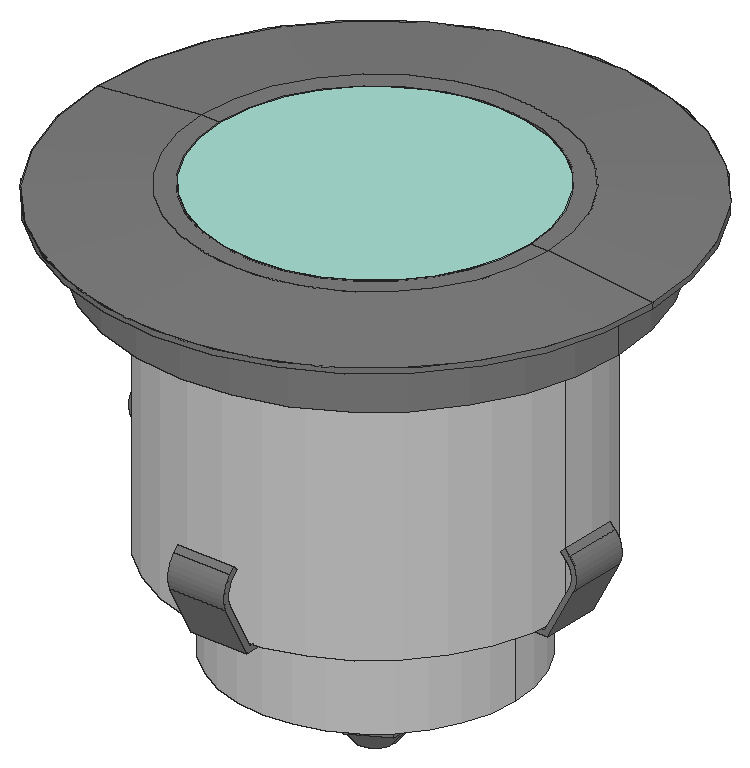
Revit family "Smoothy 5.6", category Lighting Fixtures, host Face, Revit 2017
Family settings
  Host = Face
  Round Connector Dimension = Use Diameter
  Part Type = Normal
  Cut with Voids When Loaded = Yes
  Light Source = Yes
  Shared = No
  Room Calculation Point = No
Parameters (values of type "Smoothy 5.6_L 45° (3000K 7W 24Vdc)")
  Wiring = "parallel; RGB: series"
  Width mm = 109 mm
  Weight kg = "0.95"
  Wattage = 4.09312 W
  built-in parameter 1150110 = 1 (stored number, unit not read)
  Voltage = 24 V
  Vertical Rotation min [instance] = 75.00°
  Vertical Rotation max [instance] = 105.00°
  Vertical Rotation Adjusted [instance] = if(Vertical Rotation < Vertical Rotation min, Vertical Rotation min, (if(Vertical Rotation > Vertical Rotation max, Vertical Rotation max, Vertical Rotation)))  # 90.00°
  URL Accessories and power supply units = "https://www.lucelight.it/en/prodotto.php/107384#a-scheda-accessori"
  URL = "https://www.lucelight.it/en/prodotto.php/107384"
  built-in parameter 1114217 = 1 (stored number, unit not read)
  Tiltable = "± 15°"
  Vertical Rotation [instance] = 90.00°
  URL Technical sheet = "https://www.lucelight.it/media/prodotti/st/ST_SMOOTHY_56.pdf"
  URL Image = "https://www.lucelight.it/media/prodotti/foto/smoothy_5.6_still.jpg"
  URL IES Photometric file = "https://www.lucelight.it/media/prodotti/fotometrie/smoothy_5.6_ies.zip"
  URL General code = "https://www.lucelight.it/en/prodotto.php/107384#a-generacodice"
  URL Description = "https://www.lucelight.it/en/capitolato.php/107384"
  URL DXF = "https://www.lucelight.it/media/prodotti/dxf/smoothy_5.6.dxf"
  URL Catalogue = "https://www.lucelight.it/media/prodotti/brochure/smoothy_5.6_brochure_en.pdf"
  Trim = L&L_Steel inox AISI 316L
  Tilt Angle = 90.00°
  built-in parameter 1150109 = 1 (stored number, unit not read)
  built-in parameter 1150134 = (empty or 0)
  built-in parameter 1150113 = 1 (stored number, unit not read)
  Radius Void = 50 mm
  Power supply unit = "not included"
  Power supply = "24Vdc (also available: max 700mA RGB light - ref. URL Technical sheet)"
  Power cables = "includes 1.5 m neoprene cable H05RN-F 2x0.75/0.75 Ø6.3 mm; RGB: includes 1.5 m FEP+RUB cable (equivalent to H05RN-F) 6x0.50/0.50 Ø6.3 mm"
  Power = "7W (also available: 3,5W only 5°optics (4000K only CRI 80) and 5W - ref. URL Technical sheet)"
  Photometric Web File = "SMOOTHY 5.6 L 45° [3000K 7W 24Vdc].IES"
  Optics = "45°"
  Notes = "-"
  No. and type of led = "1 high-intensity power LED; RGB: 3 power LEDs"
  Mounting = "recessed (ceiling, wall, ground)"
  Model = "Smoothy 5.6"
  Material = "body in anodized aluminium, trim in AISI 316L stainless steel, screen in tempered, transparent extra-clear glass"
  Manufacturer = "L&L Luce&Light"
  built-in parameter 1150105 = 48.383 (stored number, unit not read)
  Lumens = 608 lm
  built-in parameter 1150115 = 1 (stored number, unit not read)
  Lumen output at source = "488 lm (3000K, 5W, CRI 80); 452 lm (3000K, 5W, CRI 90); 657 lm (3000K, 7W, CRI 80); 608 lm (3000K, 7W, CRI 90); RGB: 311 lm, R: 108 lm G: 133 lm B: 70 lm (700mA)"
  built-in parameter 1150137 = (empty or 0)
  built-in parameter 1150139 = (empty or 0)
  Lens = L&L_Tempered extra-clear glass
  Length mm = 109 mm
  built-in parameter 1150112 = 1 (stored number, unit not read)
  built-in parameter 1150114 = 1 (stored number, unit not read)
  LED Colour = "3000K (also available: 2700K and 4000K - ref. URL Technical sheet)"
  built-in parameter 1150132 = 2
  built-in parameter 1150102 = (empty or 0)
  built-in parameter 1150107 = 3000 (stored number, unit not read)
  built-in parameter 1150138 = (empty or 0)
  built-in parameter 1150106 = 0.48383 (stored number, unit not read)
  IP = "67"
  Height mm = 102 mm
  Height Void = 102 mm
  Geometry = Smoothy5.6_mod : Smoothy 5.6
  Features = "-"
  Energy efficiency class = "A A+ A++"
  built-in parameter 1150104 = 13.8 (stored number, unit not read)
  Dimming Lamp Color Temperature Shift = <None>
  Description = "recessed for outdoor applications"
  Delivered lumen output = "352 lm (3000K, 34°, 5W, CRI 80); 284 lm (3000K, 34°, 5W, CRI 90); 463 lm (3000K, 34°, 7W, CRI 80); 374 lm (3000K, 34°, 7W, CRI 90); RGB: 235 lm, R: 92 lm G: 105 lm B: 38 lm (700mA, 34°)"
  Default Elevation = 1219.2 mm
  Cutout dimensions = "diam. 100 mm"
  Control system = "-"
  Contact = "T: +39 0444 360571; E: lucelight@lucelight.it"
  Company = "L&L Luce&Light"
  Color Filter = 16777215
  Code = "SY560 I; SY5632 6 I"
  CRI = "90 (also available: CRI 80 - ref. URL Technical sheet)"
  Body = L&L_Anodized aluminium
  built-in parameter 1114218 = 1 (stored number, unit not read)
  built-in parameter 1150133 = 10 (stored number, unit not read)
  Apparent Load Phase 1 = 13 W
  Apparent Load = 0 VA
Types (9, lengths in mm): name | Weight kg | Photometric Web File | Optics | Lens | Height Void | Apparent Load Phase 1
  Smoothy 5.6_L 45° (3000K 7W 24Vdc) | "0.95" | "SMOOTHY 5.6 L 45° [3000K 7W 24Vdc].IES" | "45°" | L&L_Tempered extra-clear glass | 102 | 13 W
  Smoothy 5.6_M 34° (3000K 7W 24Vdc) | "0.95 kg" | "SMOOTHY 5.6 M 34° [3000K 7W 24Vdc].IES" | "34°" | L&L_Tempered extra-clear glass | 102 | 7 W
  Smoothy 5.6_P 21° (3000K 7W 24Vdc) | "0.95" | "SMOOTHY 5.6 P (21°) [3000K 7W 24Vdc].IES" | "21°" | L&L_Tempered extra-clear glass | 67 | 7 W
  Smoothy 5.6_Q 61° (3000K 7W 24Vdc) | "0.95" | "SMOOTHY 5.6 Q (61°) [3000K 7W 24Vdc].IES" | "61°" | L&L_Tempered extra-clear glass | 67 | 7 W
  Smoothy 5.6_S 17° (3000K 7W 24Vdc) | "0.95" | "SMOOTHY 5.6 S 17° [3000K 7W 24Vdc].IES" | "17°" | L&L_Tempered extra-clear glass | 67 | 7 W
  Smoothy 5.6_T 11° (3000K 7W 24Vdc) | "0.95" | "SMOOTHY 5.6 T 11° [3000K 7W 24Vdc].IES" | "11°" | L&L_Tempered extra-clear glass | 67 | 7 W
  Smoothy 5.6_U 5° (3000K 3.5W 24Vdc) | "0.95" | "SMOOTHY 5.6 U 5° [3000K 3.5W 24Vdc].IES" | "5°" | L&L_Tempered extra-clear glass | 67 | 3.5 W
  Smoothy 5.6_V 8° (3000K 7W 24Vdc) | "0.95" | "SMOOTHY 5.6 V 8° [3000K 7W 24Vdc].IES" | "8°" | L&L_Tempered extra-clear glass | 67 | 7 W
  Smoothy 5.6_W 13°x52° (3000K 7W 24Vdc) | "0.95" | "SMOOTHY 5.6 W 13°x52° [3000K 7W 24Vdc].IES" | "13°x52°" | L&L_Transparent extra-clear glass screen in sandblasted | 102 | 7 W
Reference planes
  plane 1 "Center (Front/Back)": y = 0
  plane 2: z = 0
  plane 3 "Center (Left/Right)": x = 0
  plane 4: z = -102
Forms (mm)
  Extrusion 1, void
    sketch origin (0, 0, 0) x (1, 0, 0) y (0, 1, 0)
      loop
        circle (0, 0) r 50
    from -102 to 0
Dimensions and locks
  "Height Void": plane 4 to plane 2
  "Radius Void": radius of Extrusion 1 sketch curve
  aligned and locked: plane 2 to host face
  aligned and locked: level to host face
  aligned and locked: Extrusion 1 to plane 4
  aligned and locked: plane 2 to Extrusion 1
Automatic sketch dimensions
  host sketch curve to host sketch curve = 2438.4 mm  (x2)
  plane 1 "Center (Front/Back)" to Extrusion 1 sketch curve = 0 mm
  Extrusion 1 sketch curve to plane 3 "Center (Left/Right)" = 0 mm
Nested families
  nested 1: "Smoothy5.6_mod" at (0, 0, 0), type <- "Geometry", type "Smoothy 5.6"
Connectors
  electrical at (0, 0, 0), driven by "Apparent Load Phase 1", driven by "Voltage"
    settings: index 1, voltage 24 V, apparent load 0 VA, apparent load phase1 13 VA, apparent load phase2 0 VA, apparent load phase3 0 VA, power factor 1, load classification "Lighting", number of poles 1, system type 31, power factor state 1, is connector primary yes, connector utility no, sub classification motor no, connector description ""
Definition of nested family "Smoothy5.6_mod"
  Parameters (values of type "Smoothy 5.6")
    Wing 5.6 = yes
    Vertical Rotation = -10.00°
    Trim = none
    Thickness small shape ring = 2.41 mm
    Thickness small ring = 1 mm
    Thickness shape ring = 18.5 mm
    Thickness ring medium view = 14 mm
    Thickness middle ring fine view = 10.5 mm
    Thickness Lower ring 1 = 48.5 mm
    Thickness = 3 mm
    Shaped ring 5.6 = yes
    Radius small ring = 38 mm
    Radius shaped 4 = 10.726 mm
    Radius shaped 3 = 34.5 mm
    Radius shaped 2 = 13.325 mm
    Radius shaped 1 = 27.5 mm
    Radius middle ring fine view = 47.8 mm
    Radius Void = 30.5 mm
    Radius Lower ring 1 = 37.5 mm
    Radius 2 = 37.5 mm
    Radius = 54.5 mm
    Lens = none
    Internal radius = 34.1 mm
    Height void = 29.5 mm
    Height = 102 mm
    Default Elevation = 1219.2 mm
    Bottom 5.6 = yes
    Body = none
  Reference planes
    plane 1 "Light Source Axis (F/B)": y = 0
    plane 2: z = 0
    plane 3 "Light Source Axis (L/R)": x = 0
    plane 4 "Light Source Elevation": z = 1500
    plane 5: z = -99
    plane 6: z = 3
    plane 7: z = -11
    plane 8: x = -17.25
    plane 9: x = 17.25
    plane 10: z = -89
    plane 11: z = 1
    plane 12: z = -10.5
    plane 13: x = -23.75
    plane 14: x = 23.75
    plane 15: z = -11.5
    plane 16: z = -60
    plane 17: z = -78.5
    plane 18: z = -26.5
    plane 19: z = -61.5
    plane 20: y = -15.8
  Forms (mm)
    Extrusion 1, solid, material <- "Body", detail levels coarse
      sketch origin (0, 0, 0) x (1, 0, 0) y (0, 1, 0)
        loop
          circle (0, 0) r 54.5
      from -99 to 3
    Extrusion 2, solid, material <- "Trim", detail levels medium
      sketch origin (0, 0, 0) x (1, 0, 0) y (0, 1, 0)
        loop
          circle (0, 0) r 54.5
        loop
          circle (0, 0) r 30.5
      from 3 to -11
    Extrusion 3, solid, material <- "Body", detail levels medium
      sketch origin (0, 0, 0) x (1, 0, 0) y (0, 1, 0)
        loop
          circle (0, 0) r 37.5
      from -11 to -99
    Extrusion 4, solid, material <- "Lens", detail levels medium
      sketch origin (0, 0, 0) x (1, 0, 0) y (0, 1, 0)
        loop
          circle (0, 0) r 30.5
      from 3 to 2
    Extrusion 5, solid, material <- "Trim", detail levels fine
      sketch origin (0, 0, 0) x (1, 0, 0) y (0, 1, 0)
        loop
          circle (0, 0) r 54.5
      from 0 to 1
    Extrusion 6, solid, material <- "Trim", detail levels fine
      sketch origin (0, 0, 0) x (1, 0, 0) y (0, 1, 0)
        loop
          circle (0, 0) r 47.8
      from 0 to -10.5
    Extrusion 7, solid, material <- "Trim", detail levels fine
      sketch origin (0, 0, 0) x (1, 0, 0) y (0, 1, 0)
        loop
          circle (0, 0) r 38
      from -10.5 to -11.5
    Extrusion 8, solid, material <- "Body", detail levels fine
      sketch origin (0, 0, 0) x (1, 0, 0) y (0, 1, 0)
        loop
          circle (0, 0) r 37.5
      from -11.5 to -60
    Extrusion 9, solid, not visible, detail levels fine
      sketch origin (0, 0, -13.641) x (1, 0, 0) y (0, 1, 0)
        loop
          circle (0, 0) r 13.325
      from -29.859 to -31.859
    Extrusion 10, solid, not visible, detail levels fine
      sketch origin (0, 0, -3.2) x (1, 0, 0) y (0, 1, 0)
        loop
          circle (0, 0) r 27.5
      from -26.677 to -43.726
    Extrusion 11, solid, not visible, detail levels fine
      sketch origin (0, 0, -13.641) x (1, 0, 0) y (0, 1, 0)
        loop
          circle (0, 0) r 13.325
      from -29.859 to -31.859
    Extrusion 12, solid, not visible, detail levels fine
      sketch origin (0, 0, -9.641) x (1, 0, 0) y (0, 1, 0)
        loop
          circle (0, 0) r 13.325
      from -29.859 to -31.859
    Extrusion 13, solid, not visible, detail levels fine
      sketch origin (0, 0, -5.641) x (1, 0, 0) y (0, 1, 0)
        loop
          circle (0, 0) r 13.325
      from -29.859 to -31.859
    Extrusion 14, solid, not visible, detail levels fine
      sketch origin (0, 0, -1.641) x (1, 0, 0) y (0, 1, 0)
        loop
          circle (0, 0) r 13.325
      from -29.859 to -31.859
    Extrusion 15, solid, not visible, detail levels fine
      sketch origin (0, 0, -33.323) x (1, 0, 0) y (0, 1, 0)
        loop
          circle (0, 0) r 27.5
      from -26.677 to -43.726
    Extrusion 16, solid, not visible, detail levels fine
      sketch origin (0, 0, -43.763) x (1, 0, 0) y (0, 1, 0)
        loop
          circle (0, 0) r 13.325
      from -29.859 to -31.859
    Extrusion 17, solid, not visible, detail levels fine
      sketch origin (0, 0, -39.763) x (1, 0, 0) y (0, 1, 0)
        loop
          circle (0, 0) r 13.325
      from -29.859 to -31.859
    Extrusion 18, solid, not visible, detail levels fine
      sketch origin (0, 0, -35.763) x (1, 0, 0) y (0, 1, 0)
        loop
          circle (0, 0) r 13.325
      from -29.859 to -31.859
    Extrusion 19, solid, not visible, detail levels fine
      sketch origin (0, 0, -31.763) x (1, 0, 0) y (0, 1, 0)
        loop
          circle (0, 0) r 13.325
      from -29.859 to -31.859
    Extrusion 20, solid, not visible, detail levels fine
      sketch origin (0, 0, 0) x (1, 0, 0) y (0, 1, 0)
        loop
          circle (0, 0) r 27.5
      from -26.3 to -56.6
    Extrusion 21, solid, not visible, detail levels fine
      sketch origin (0, 0, 0) x (1, 0, 0) y (0, 1, 0)
        loop
          circle (0, 0) r 13.325
      from -28.8 to -31.3
    Extrusion 22, solid, not visible, detail levels fine
      sketch origin (0, 0, 3.2) x (1, 0, 0) y (0, 1, 0)
        loop
          circle (0, 0) r 27.5
      from -26.3 to -56.6
    Extrusion 23, solid, not visible, detail levels fine
      sketch origin (0, 0, 0) x (1, 0, 0) y (0, 1, 0)
        loop
          circle (0, 0) r 13.325
      from -28.8 to -31.3
    Extrusion 24, solid, not visible, detail levels fine
      sketch origin (0, 0, -5) x (1, 0, 0) y (0, 1, 0)
        loop
          circle (0, 0) r 13.325
      from -28.8 to -31.3
    Extrusion 25, solid, not visible, detail levels fine
      sketch origin (0, 0, -10) x (1, 0, 0) y (0, 1, 0)
        loop
          circle (0, 0) r 13.325
      from -28.8 to -31.3
    Extrusion 26, solid, not visible, detail levels fine
      sketch origin (0, 0, -15) x (1, 0, 0) y (0, 1, 0)
        loop
          circle (0, 0) r 13.325
      from -28.8 to -31.3
    Extrusion 27, solid, not visible, detail levels fine
      sketch origin (0, 0, -20) x (1, 0, 0) y (0, 1, 0)
        loop
          circle (0, 0) r 13.325
      from -28.8 to -31.3
    Extrusion 28, solid, not visible, detail levels fine
      sketch origin (0, 0, -25) x (1, 0, 0) y (0, 1, 0)
        loop
          circle (0, 0) r 13.325
      from -28.8 to -31.3
    Extrusion 29, solid, not visible, detail levels fine
      sketch origin (0, 0, 3.2) x (1, 0, 0) y (0, 1, 0)
        loop
          circle (0, 0) r 13.325
      from -28.8 to -31.3
    Extrusion 30, solid, not visible, detail levels fine
      sketch origin (0, 0, -1.8) x (1, 0, 0) y (0, 1, 0)
        loop
          circle (0, 0) r 13.325
      from -28.8 to -31.3
    Extrusion 31, solid, not visible, detail levels fine
      sketch origin (0, 0, -6.8) x (1, 0, 0) y (0, 1, 0)
        loop
          circle (0, 0) r 13.325
      from -28.8 to -31.3
    Extrusion 32, solid, not visible, detail levels fine
      sketch origin (0, 0, -11.8) x (1, 0, 0) y (0, 1, 0)
        loop
          circle (0, 0) r 13.325
      from -28.8 to -31.3
    Extrusion 33, solid, not visible, detail levels fine
      sketch origin (0, 0, -16.8) x (1, 0, 0) y (0, 1, 0)
        loop
          circle (0, 0) r 13.325
      from -28.8 to -31.3
    Extrusion 34, solid, not visible, detail levels fine
      sketch origin (0, 0, -21.8) x (1, 0, 0) y (0, 1, 0)
        loop
          circle (0, 0) r 13.325
      from -28.8 to -31.3
    Extrusion 35, solid, not visible, detail levels fine
      sketch origin (0, 0, 0) x (1, 0, 0) y (0, 1, 0)
        loop
          circle (0, 0) r 27.5
      from -24 to -59
    Extrusion 36, solid, not visible, detail levels fine
      sketch origin (0, 0, -2.5) x (1, 0, 0) y (0, 1, 0)
        loop
          circle (0, 0) r 10.726
      from -59 to -61.5
    Extrusion 37, solid, not visible, detail levels fine
      sketch origin (0, 0, -2.5) x (1, 0, 0) y (0, 1, 0)
        loop
          circle (0, 0) r 13.325
      from -24 to -26.5
    Extrusion 38, solid, not visible, detail levels fine
      sketch origin (0, 0, 5.5) x (1, 0, 0) y (0, 1, 0)
        loop
          circle (0, 0) r 27.5
      from -24 to -59
    Extrusion 39, solid, not visible, detail levels fine
      sketch origin (0, 0, -2.5) x (1, 0, 0) y (0, 1, 0)
        loop
          circle (0, 0) r 13.325
      from -24 to -26.5
    Extrusion 40, solid, not visible, detail levels fine
      sketch origin (0, 0, -7.5) x (1, 0, 0) y (0, 1, 0)
        loop
          circle (0, 0) r 13.325
      from -24 to -26.5
    Extrusion 41, solid, not visible, detail levels fine
      sketch origin (0, 0, -12.5) x (1, 0, 0) y (0, 1, 0)
        loop
          circle (0, 0) r 13.325
      from -24 to -26.5
    Extrusion 42, solid, not visible, detail levels fine
      sketch origin (0, 0, -17.5) x (1, 0, 0) y (0, 1, 0)
        loop
          circle (0, 0) r 13.325
      from -24 to -26.5
    Extrusion 43, solid, not visible, detail levels fine
      sketch origin (0, 0, -22.5) x (1, 0, 0) y (0, 1, 0)
        loop
          circle (0, 0) r 13.325
      from -24 to -26.5
    Extrusion 44, solid, not visible, detail levels fine
      sketch origin (0, 0, -27.5) x (1, 0, 0) y (0, 1, 0)
        loop
          circle (0, 0) r 13.325
      from -24 to -26.5
    Extrusion 45, solid, not visible, detail levels fine
      sketch origin (0, 0, -32.5) x (1, 0, 0) y (0, 1, 0)
        loop
          circle (0, 0) r 13.325
      from -24 to -26.5
    Extrusion 46, solid, not visible, detail levels fine
      sketch origin (0, 0, -35) x (1, 0, 0) y (0, 1, 0)
        loop
          circle (0, 0) r 34.5
      from -24 to -34
    Extrusion 47, solid, not visible, detail levels fine
      sketch origin (0, 0, -2.5) x (1, 0, 0) y (0, 1, 0)
        loop
          circle (0, 0) r 10.726
      from -59 to -61.5
    Extrusion 48, solid, not visible, detail levels fine
      sketch origin (0, 0, -7.5) x (1, 0, 0) y (0, 1, 0)
        loop
          circle (0, 0) r 10.726
      from -59 to -61.5
    Extrusion 49, solid, not visible, detail levels fine
      sketch origin (0, 0, 3) x (1, 0, 0) y (0, 1, 0)
        loop
          circle (0, 0) r 13.325
      from -24 to -26.5
    Extrusion 50, solid, not visible, detail levels fine
      sketch origin (0, 0, -2) x (1, 0, 0) y (0, 1, 0)
        loop
          circle (0, 0) r 13.325
      from -24 to -26.5
    Extrusion 51, solid, not visible, detail levels fine
      sketch origin (0, 0, -7) x (1, 0, 0) y (0, 1, 0)
        loop
          circle (0, 0) r 13.325
      from -24 to -26.5
    Extrusion 52, solid, not visible, detail levels fine
      sketch origin (0, 0, -12) x (1, 0, 0) y (0, 1, 0)
        loop
          circle (0, 0) r 13.325
      from -24 to -26.5
    Extrusion 53, solid, not visible, detail levels fine
      sketch origin (0, 0, -17) x (1, 0, 0) y (0, 1, 0)
        loop
          circle (0, 0) r 13.325
      from -24 to -26.5
    Extrusion 54, solid, not visible, detail levels fine
      sketch origin (0, 0, -22) x (1, 0, 0) y (0, 1, 0)
        loop
          circle (0, 0) r 13.325
      from -24 to -26.5
    Extrusion 55, solid, not visible, detail levels fine
      sketch origin (0, 0, -27) x (1, 0, 0) y (0, 1, 0)
        loop
          circle (0, 0) r 13.325
      from -24 to -26.5
    Extrusion 56, solid, not visible, detail levels fine
      sketch origin (0, 0, -29.5) x (1, 0, 0) y (0, 1, 0)
        loop
          circle (0, 0) r 34.5
      from -24 to -34
    Extrusion 57, solid, not visible, detail levels fine
      sketch origin (0, 0, 3) x (1, 0, 0) y (0, 1, 0)
        loop
          circle (0, 0) r 10.726
      from -59 to -61.5
    Extrusion 58, solid, not visible, detail levels fine
      sketch origin (0, 0, -2) x (1, 0, 0) y (0, 1, 0)
        loop
          circle (0, 0) r 10.726
      from -59 to -61.5
    Extrusion 59, solid, material <- "Body", visible <- "Shaped ring 5.6", detail levels fine
      sketch origin (0, 0, 0) x (1, 0, 0) y (0, 1, 0)
        loop
          circle (0, 0) r 27.5
      from -60 to -78.5
    Extrusion 60, solid, material <- "Lens", detail levels fine
      sketch origin (0, 0, 0) x (1, 0, 0) y (0, 1, 0)
        loop
          circle (0, -0.3) r 30.5
      from 3 to 1
    Revolve 61, solid, material <- "Trim"
      sketch origin (0, 0, 0) x (1, 0, 0) y (0, 0, 1)
        loop
          line (-30.5, 3) -> (-34.1, 3) -> (-54.5, 1) -> (-30.5, 1) -> (-30.5, 3)
        axis (0, 3) -> (0, 1)
      angle from 0 to 360
  Dimensions and locks
    "Height": plane 5 to plane 6
    "Thickness": plane 6 to plane 2
    "Thickness ring medium view": plane 7 to plane 6
    locked: plane 5 to plane 10 at 10
    locked: Extrusion 4 to Extrusion 4 at 1
    locked: level to plane 11 at 1
    "Thickness middle ring fine view": plane 12 to plane 2
    "Thickness small ring": plane 15 to plane 12
    "Thickness Lower ring 1": plane 16 to plane 15
    "Thickness shape ring": plane 17 to plane 16
    equal spacing: group 2, group 3, group 4, group 5  (x3)
    equal spacing: group 7, group 8, group 9, group 10  (x3)
    "Height void": plane 18 to plane 6
    "Radius": radius of Extrusion 1 sketch curve
    "Radius": radius of Extrusion 2 sketch curve
    "Radius 2": radius of Extrusion 3 sketch curve
    "Radius Void": radius of Extrusion 4 sketch curve
    "Radius": radius of Extrusion 5 sketch curve
    "Radius middle ring fine view": radius of Extrusion 6 sketch curve
    "Radius small ring": radius of Extrusion 7 sketch curve
    "Radius Lower ring 1": radius of Extrusion 8 sketch curve
    "Radius shaped 2": radius of Extrusion 9 sketch curve
    "Radius shaped 1": radius of Extrusion 10 sketch curve
    "Radius shaped 2": radius of Extrusion 11 sketch curve
    "Radius shaped 2": radius of Extrusion 12 sketch curve
    "Radius shaped 2": radius of Extrusion 13 sketch curve
    "Radius shaped 2": radius of Extrusion 14 sketch curve
    "Radius shaped 1": radius of Extrusion 15 sketch curve
    "Radius shaped 2": radius of Extrusion 16 sketch curve
    "Radius shaped 2": radius of Extrusion 17 sketch curve
    "Radius shaped 2": radius of Extrusion 18 sketch curve
    "Radius shaped 2": radius of Extrusion 19 sketch curve
    "Radius shaped 1": radius of Extrusion 20 sketch curve
    "Radius shaped 2": radius of Extrusion 21 sketch curve
    "Radius shaped 1": radius of Extrusion 22 sketch curve
    "Radius shaped 2": radius of Extrusion 23 sketch curve
    "Radius shaped 2": radius of Extrusion 24 sketch curve
    "Radius shaped 2": radius of Extrusion 25 sketch curve
    "Radius shaped 2": radius of Extrusion 26 sketch curve
    "Radius shaped 2": radius of Extrusion 27 sketch curve
    "Radius shaped 2": radius of Extrusion 28 sketch curve
    "Radius shaped 2": radius of Extrusion 29 sketch curve
    "Radius shaped 2": radius of Extrusion 30 sketch curve
    "Radius shaped 2": radius of Extrusion 31 sketch curve
    "Radius shaped 2": radius of Extrusion 32 sketch curve
    "Radius shaped 2": radius of Extrusion 33 sketch curve
    "Radius shaped 2": radius of Extrusion 34 sketch curve
    "Radius shaped 1": radius of Extrusion 35 sketch curve
    "Radius shaped 4": radius of Extrusion 36 sketch curve
    "Radius shaped 2": radius of Extrusion 37 sketch curve
    "Radius shaped 1": radius of Extrusion 38 sketch curve
    "Radius shaped 2": radius of Extrusion 39 sketch curve
    "Radius shaped 2": radius of Extrusion 40 sketch curve
    "Radius shaped 2": radius of Extrusion 41 sketch curve
    "Radius shaped 2": radius of Extrusion 42 sketch curve
    "Radius shaped 2": radius of Extrusion 43 sketch curve
    "Radius shaped 2": radius of Extrusion 44 sketch curve
    "Radius shaped 2": radius of Extrusion 45 sketch curve
    "Radius shaped 3": radius of Extrusion 46 sketch curve
    "Radius shaped 4": radius of Extrusion 47 sketch curve
    "Radius shaped 4": radius of Extrusion 48 sketch curve
    "Radius shaped 2": radius of Extrusion 49 sketch curve
    "Radius shaped 2": radius of Extrusion 50 sketch curve
    "Radius shaped 2": radius of Extrusion 51 sketch curve
    "Radius shaped 2": radius of Extrusion 52 sketch curve
    "Radius shaped 2": radius of Extrusion 53 sketch curve
    "Radius shaped 2": radius of Extrusion 54 sketch curve
    "Radius shaped 2": radius of Extrusion 55 sketch curve
    "Radius shaped 3": radius of Extrusion 56 sketch curve
    "Radius shaped 4": radius of Extrusion 57 sketch curve
    "Radius shaped 4": radius of Extrusion 58 sketch curve
    "Radius shaped 1": radius of Extrusion 59 sketch curve
    "Radius Void": radius of Extrusion 60 sketch curve
    aligned and locked: level to plane 2
    aligned and locked: plane 6 to Extrusion 1
    aligned and locked: Extrusion 1 to plane 5
    aligned and locked: Extrusion 2 to plane 6
    aligned and locked: Extrusion 2 to plane 7
    aligned and locked: Extrusion 3 to plane 7
    aligned and locked: Extrusion 3 to plane 5
    aligned and locked: Extrusion 4 to plane 6
    aligned and locked: Extrusion 5 to plane 2
    aligned and locked: plane 11 to Extrusion 5
    aligned and locked: Extrusion 6 to plane 2
    aligned and locked: Extrusion 6 to plane 12
    aligned and locked: Extrusion 7 to plane 12
    aligned and locked: Extrusion 7 to plane 15
    aligned and locked: Extrusion 8 to plane 15
    aligned and locked: Extrusion 8 to plane 16
    aligned and locked: plane 16 to Extrusion 15
    aligned and locked: Extrusion 59 to plane 16
    aligned and locked: Extrusion 59 to plane 17
    aligned and locked: plane 17 to nested 14
    aligned and locked: Extrusion 60 to plane 6
    aligned and locked: Extrusion 60 to plane 11
  Automatic sketch dimensions
    Revolve 61 sketch curve to plane 11 = 0 mm
    Revolve 61 sketch curve to plane 6 = 0 mm
    Revolve 61 sketch curve to plane 3 "Light Source Axis (L/R)" = 0 mm
    Revolve 61 sketch curve to plane 13 = 6.75 mm
    Revolve 61 sketch curve to Revolve 61 sketch curve = 3.6 mm
    Revolve 61 sketch curve to Revolve 61 sketch curve = 20.4 mm
    plane 18 to Revolve 61 sketch curve = 5.77 mm
    plane 6 to Revolve 61 sketch curve = 31.533 mm
    plane 1 "Light Source Axis (F/B)" to Extrusion 1 sketch curve = 0 mm
    Extrusion 1 sketch curve to plane 3 "Light Source Axis (L/R)" = 0 mm
    Extrusion 2 sketch curve to Extrusion 2 sketch curve = 0 mm  (x6)
    plane 1 "Light Source Axis (F/B)" to Extrusion 2 sketch curve = 0 mm
    Extrusion 2 sketch curve to plane 3 "Light Source Axis (L/R)" = 0 mm
    Extrusion 2 sketch curve to plane 13 = 6.75 mm
    plane 1 "Light Source Axis (F/B)" to Extrusion 3 sketch curve = 0 mm
    Extrusion 3 sketch curve to plane 3 "Light Source Axis (L/R)" = 0 mm
    plane 1 "Light Source Axis (F/B)" to Extrusion 4 sketch curve = 0 mm
    Extrusion 4 sketch curve to plane 3 "Light Source Axis (L/R)" = 0 mm
    plane 1 "Light Source Axis (F/B)" to Extrusion 5 sketch curve = 0 mm
    Extrusion 5 sketch curve to plane 3 "Light Source Axis (L/R)" = 0 mm
    plane 1 "Light Source Axis (F/B)" to Extrusion 6 sketch curve = 0 mm
    Extrusion 6 sketch curve to plane 3 "Light Source Axis (L/R)" = 0 mm
    plane 1 "Light Source Axis (F/B)" to Extrusion 7 sketch curve = 0 mm
    Extrusion 7 sketch curve to plane 3 "Light Source Axis (L/R)" = 0 mm
    plane 1 "Light Source Axis (F/B)" to Extrusion 8 sketch curve = 0 mm
    Extrusion 8 sketch curve to plane 3 "Light Source Axis (L/R)" = 0 mm
    plane 1 "Light Source Axis (F/B)" to Extrusion 59 sketch curve = 0 mm
    Extrusion 59 sketch curve to plane 3 "Light Source Axis (L/R)" = 0 mm
    Extrusion 60 sketch curve to plane 3 "Light Source Axis (L/R)" = 0 mm
    plane 1 "Light Source Axis (F/B)" to Extrusion 60 sketch curve = 0.3 mm
  Nested families
    nested 1: "Smoothy_wing" at (-8.2, 0, -46.549), type "Smoothy_wing", not visible, detail levels fine
    nested 2: "Smoothy_wing" at (21.382, 0, -56.5) x (-1, 0, 0) z (0, 0, 1), type "Smoothy_wing", not visible, detail levels fine
    nested 3: "Smoothy_wing" at (-21.382, 0, -56.5), type "Smoothy_wing", not visible, detail levels fine
    nested 4: "Smoothy_wing" at (-0.016, 30.088, -59) x (-0.0011, -1, 0) z (0, 0, 1), type "Smoothy_wing", not visible, detail levels fine
    nested 5: "Smoothy_wing" at (-30.088, 0, -59) x (1, -0.0011, 0) z (0, 0, 1), type "Smoothy_wing", not visible, detail levels fine
    nested 6: "Smoothy_wing" at (30.076, 0, -59) x (-1, 0.0011, 0) z (0, 0, 1), type "Smoothy_wing", not visible, detail levels fine
    nested 7: "Smoothy_wing" at (0, -30.076, -59) x (0.0011, 1, 0) z (0, 0, 1), type "Smoothy_wing", not visible, detail levels fine
    nested 8: "Smoothy_wing" at (-0.016, 30.088, -60) x (-0.0011, -1, 0) z (0, 0, 1), visible <- "Wing 5.6", type "Smoothy_wing", detail levels fine
    nested 9: "Smoothy_wing" at (-30.088, 0, -60) x (1, -0.0011, 0) z (0, 0, 1), visible <- "Wing 5.6", type "Smoothy_wing", detail levels fine
    nested 10: "Smoothy_wing" at (30.076, 0, -60) x (-1, 0.0011, 0) z (0, 0, 1), visible <- "Wing 5.6", type "Smoothy_wing", detail levels fine
    nested 11: "Smoothy_wing" at (0, -30.076, -60) x (0.0011, 1, 0) z (0, 0, 1), visible <- "Wing 5.6", type "Smoothy_wing", detail levels fine
    nested 12: "Smoothy_wing" at (-21.237, 0, -56.6), type "Smoothy_wing", not visible, detail levels fine
    nested 13: "Smoothy_wing" at (21.237, 0, -56.6) x (-1, 0, 0) z (0, 0, 1), type "Smoothy_wing", not visible, detail levels fine
    nested 14: "Family1" at (0, -8.05, -91.668), type "Family1", not visible, detail levels fine
    nested 15: "Family1" at (0, -15.35, -69.768), type "Family1", not visible, detail levels fine
    nested 16: "Family1" at (0, -0.922, -69.668), type "Family1", not visible, detail levels fine
    nested 17: "Family1" at (0, 0, -91.668), visible <- "Bottom 5.6", type "Family1", detail levels fine
  Definition of nested family "Smoothy_wing"
    Parameters (values of type "Smoothy_wing")
      Trim = none
      Default Elevation = 1219.2 mm
    Reference planes
      plane 1 "Light Source Axis (F/B)": y = 0
      plane 2: z = 0
      plane 3 "Light Source Axis (L/R)": x = 0
      plane 4 "Light Source Elevation": z = 1500
    Forms (mm)
      Extrusion 1, solid, material <- "Trim"
        sketch origin (81.397, 5.508, -204.885) x (1, 0, 0) y (0, 0, 1)
          loop
            arc (-93.894, 214.108) -> (-94.299, 216.563) -> (-93.174, 218.783) r 4
            line (-93.174, 218.783) -> (-92.184, 219.773) -> (-92.891, 220.48) -> (-93.882, 219.49)
            arc (-93.882, 219.49) -> (-95.288, 216.715) -> (-94.781, 213.646) r 5
            line (-94.781, 213.646) -> (-89.7, 203.885) -> (-81.397, 203.885) -> (-81.397, 204.885) -> (-89.093, 204.885) -> (-93.894, 214.108)
        from 0 to 11
      Blend 2, solid, material <- "Trim"
        base sketch origin (65.992, 6.052, -1) x (1, 0, 0) y (0, 1, 0)
          loop
            circle (-69.866, -6.044) r 3.6
        top sketch origin (65.992, 6.052, -1) x (1, 0, 0) y (0, 1, 0)
          loop
            circle (-69.866, -6.044) r 1.95
        from 0 to -1.8
    Dimensions and locks
      aligned and locked: level to plane 2
  Definition of nested family "Family1"
    Parameters (values of type "Family1")
      Trim = none
      Default Elevation = 1219.2 mm
    Reference planes
      plane 1 "Light Source Axis (F/B)": y = 0
      plane 2: z = 0
      plane 3 "Light Source Axis (L/R)": x = 0
      plane 4 "Light Source Elevation": z = 1500
    Forms (mm)
      Extrusion 1, solid, material <- "Trim"
        sketch origin (36.054, -14.716, 0) x (1, 0, 0) y (0, 1, 0)
          loop
            line (-36.054, 22.466) -> (-42.766, 18.591) -> (-42.766, 10.841) -> (-36.054, 6.966) -> (-29.343, 10.841) -> (-29.343, 18.591) -> (-36.054, 22.466)
        from 1.168 to 6.668
      Extrusion 2, solid, material <- "Trim"
        sketch origin (36.054, -14.716, 0) x (1, 0, 0) y (0, 1, 0)
          loop
            circle (-36.054, 14.716) r 6
        from 6.668 to 9.668
      Extrusion 3, solid, material <- "Trim"
        sketch origin (36.054, -14.716, 0) x (1, 0, 0) y (0, 1, 0)
          loop
            line (-36.054, 22.466) -> (-42.766, 18.591) -> (-42.766, 10.841) -> (-36.054, 6.966) -> (-29.343, 10.841) -> (-29.343, 18.591) -> (-36.054, 22.466)
        from 9.668 to 13.168
      Blend 4, solid, material <- "Trim"
        base sketch origin (36.054, -14.716, 1.168) x (1, 0, 0) y (0, 1, 0)
          loop
            circle (-36.054, 14.716) r 6.7
        top sketch origin (36.054, -14.716, 1.168) x (1, 0, 0) y (0, 1, 0)
          loop
            circle (-36.054, 14.716) r 3.5
        from 0 to -4
      Extrusion 5, solid, material <- "Trim", not visible
        sketch origin (30, 0, 0) x (1, 0, 0) y (0, 1, 0)
          loop
            line (-36.054, 22.466) -> (-42.766, 18.591) -> (-42.766, 10.841) -> (-36.054, 6.966) -> (-29.343, 10.841) -> (-29.343, 18.591) -> (-36.054, 22.466)
        from 1.168 to 6.668
      Extrusion 6, solid, material <- "Trim", not visible
        sketch origin (30, 0, 0) x (1, 0, 0) y (0, 1, 0)
          loop
            circle (-36.054, 14.716) r 6
        from 6.668 to 9.668
      Extrusion 7, solid, material <- "Trim", not visible
        sketch origin (30, 0, 0) x (1, 0, 0) y (0, 1, 0)
          loop
            line (-36.054, 22.466) -> (-42.766, 18.591) -> (-42.766, 10.841) -> (-36.054, 6.966) -> (-29.343, 10.841) -> (-29.343, 18.591) -> (-36.054, 22.466)
        from 9.668 to 13.168
      Blend 8, solid, material <- "Trim", not visible
        base sketch origin (30, 0, 1.168) x (1, 0, 0) y (0, 1, 0)
          loop
            circle (-36.054, 14.716) r 6.7
        top sketch origin (30, 0, 1.168) x (1, 0, 0) y (0, 1, 0)
          loop
            circle (-36.054, 14.716) r 3.5
        from 0 to -4
    Dimensions and locks
      aligned and locked: level to plane 2
